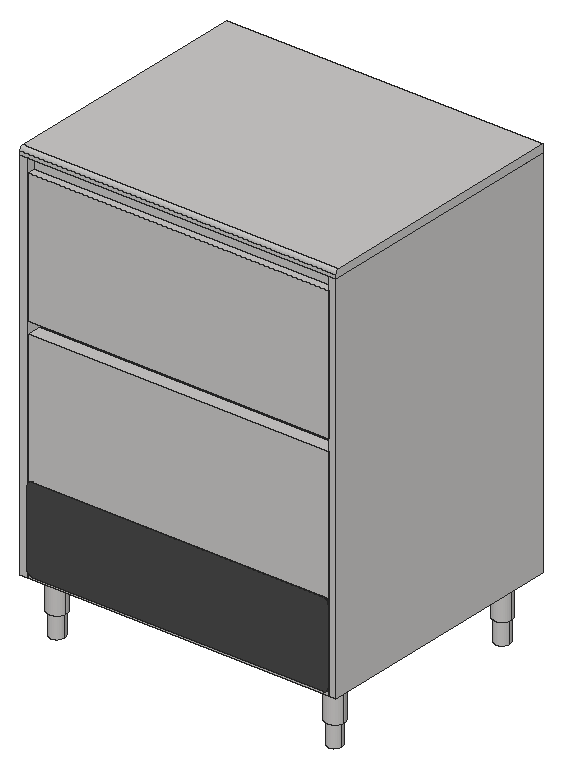
Revit family "QF_ELECTROLUXPROFESSIONAL_730334_ICC155I75SNP", category Attrezzature speciali, Revit 2018
Family settings
  Quota connettore circolare = Usa diametro
  Tipo di parte = Normale
  Basato su piano di lavoro = No
  Sempre verticale = Sì
  Taglio con vuoti quando caricato = No
  Condiviso = No
  Punto di calcolo locali = No
Parameters (values of type "Standard")
  Weight = 95.00 kg
  Watts = 0 W
  Volts = 220 V
  URL Manufacturer = "https://www.electroluxprofessional.com/"
  URL = "https://www.electroluxprofessional.com/"
  Steam Supply Size = 0 mm
  Steam Supply Minimum Pressure = 0.0 Pa
  Steam Supply Maximum Pressure = 0.0 Pa
  Steam Pounds per Hour = 0
  Show Logo [instance] = yes
  Show Clearance [instance] = yes
  Refrigeration Suction Line Size = 0 mm
  Refrigeration Liquid Line Size = 0 mm
  Refrigerant Compressor Remote = yes
  Produttore = "Electrolux Professional"
  Phase = 1
  Modello = "ICC155I75SNP"
  Length Actual = 860 mm  # constant formula
  Item Number = "730334"
  Hot Water Size = 0 mm
  Height Actual = 1149 mm  # constant formula
  HP = "0 HP"
  Gas Size = 0 mm
  Gas KW = 0
  Gas Input Pressure = 0 W
  Descrizione = "WATER COOLED ICE CUBER 40GR 155KG/24H-BIN 75KG"
  Depth Actual = 700 mm  # constant formula
  Cycle = 50 Hz
  Condensate Return Size = 0 mm
  Compressed Air Volume = 0.0 L/s
  Compressed Air Size = 0 mm
  Compressed Air Pressure = 0.0 Pa
  Cold Water Size = 19.05 mm
  Accessory = yes
Reference planes
  plane 1 "Center X": y = 272.851
  plane 2: z = 0
  plane 3 "Center Y": x = -501.5
  plane 4 "LEFT": x = -931.5
  plane 5 "RIGHT": x = -71.5
  plane 6 "FRONT": y = -77.649
  plane 7 "BACK": y = 623.351
  plane 8: z = 154
  plane 9: z = 1198
  plane 10: z = 1178
  plane 11: x = -911.5
  plane 12: x = -91.5
  plane 13: y = -37.649
Forms (mm)
  Extrusion 1, solid, material "QF_Finishes_Black"
    sketch origin (-217.296, -77.649, 371.513) x (-1, 0, 0) y (0, 0, -1)
      loop
        arc (679.204, -20.487) -> (689.811, -16.093) -> (694.204, -5.487) r 15
        line (694.204, -5.487) -> (694.204, 195.469)
        arc (694.204, 195.469) -> (689.811, 206.075) -> (679.204, 210.469) r 15
        line (679.204, 210.469) -> (-110.796, 210.469)
        arc (-110.796, 210.469) -> (-121.403, 206.075) -> (-125.796, 195.469) r 15
        line (-125.796, 195.469) -> (-125.796, -5.487)
        arc (-125.796, -5.487) -> (-121.403, -16.093) -> (-110.796, -20.487) r 15
        line (-110.796, -20.487) -> (679.204, -20.487)
    from 0 to 2
  Extrusion 2, solid, material "QF_Finishes_Stainless Steel"
    sketch origin (-501.5, 0, 0) x (0, 1, 0) y (0, 0, 1)
      loop
        line (623.351, 1178) -> (623.351, 1198) -> (-67.649, 1198)
        arc (-67.649, 1198) -> (-74.72, 1195.071) -> (-77.649, 1188) r 10
        line (-77.649, 1188) -> (-77.649, 1178) -> (623.351, 1178)
    from -430 to 430
  Extrusion 3, solid, material "QF_Finishes_Stainless Steel"
    sketch origin (-519.2, 623.351, -284.545) x (1, 0, 0) y (0, 0, -1)
      loop
        circle (378.2, -654.545) r 10
    from 0 to 10
  Extrusion 4, solid, material "QF_Finishes_Stainless Steel"
    sketch origin (0, 0, 0) x (1, 0, 0) y (0, 1, 0)
      loop
        line (-931.5, 623.351) -> (-931.5, -77.649) -> (-911.5, -77.649) -> (-911.5, 623.351) -> (-931.5, 623.351)
    from 154 to 1178
  Extrusion 5, solid, material "QF_Finishes_Stainless Steel"
    sketch origin (0, 0, 0) x (1, 0, 0) y (0, 1, 0)
      loop
        line (-91.5, 623.351) -> (-91.5, -77.649) -> (-71.5, -77.649) -> (-71.5, 623.351) -> (-91.5, 623.351)
    from 154 to 1178
  Extrusion 6, solid, material "QF_Finishes_Stainless Steel"
    sketch origin (0, 0, 0) x (1, 0, 0) y (0, 1, 0)
      loop
        line (-911.5, 623.351) -> (-911.5, -37.649) -> (-91.5, -37.649) -> (-91.5, 623.351) -> (-911.5, 623.351)
    from 154 to 1178
  Extrusion 7, solid, material "QF_Finishes_Stainless Steel"
    sketch origin (0, 0, 0) x (1, 0, 0) y (0, 1, 0)
      loop
        line (-911.5, -77.649) -> (-91.5, -77.649) -> (-91.5, -37.649) -> (-911.5, -37.649) -> (-911.5, -77.649)
    from 154 to 748.657
  Extrusion 8, solid, material "QF_Finishes_Stainless Steel"
    sketch origin (-501.5, 0, 0) x (0, 1, 0) y (0, 0, 1)
      loop
        line (-37.649, 1178) -> (-57.649, 1178) -> (-57.649, 1142) -> (-77.649, 1142) -> (-77.649, 780.633) -> (-57.649, 780.633) -> (-57.649, 765.633) -> (-37.649, 765.633) -> (-37.649, 1178)
    from -410 to 410
  Extrusion 9, solid, material "QF_Finishes_Stainless Steel"
    sketch origin (-504.7, 623.351, -432.545) x (1, 0, 0) y (0, 0, -1)
      loop
        circle (378.2, -654.545) r 10
    from 0 to 10
  Extrusion 10, solid, material "QF_Finishes_Stainless Steel"
    sketch origin (-560.2, 623.351, -316.545) x (1, 0, 0) y (0, 0, -1)
      loop
        circle (378.2, -654.545) r 10
    from 0 to 10
Lines and regions (mm)
  Split face 1
    outline origin (-501.5, -57.649, 1178) x (0, 0, -1) y (1, 0, 0)
      loop
        line (5.715, 287.428) -> (30.715, 287.428) -> (30.715, 327.428) -> (5.715, 327.428) -> (5.715, 287.428)
  symbolic lines
    curve 1: line (-931.5, 623.351, 0) -> (-71.5, 623.351, 0)
    curve 2: line (-931.5, -77.649, 0) -> (-931.5, 623.351, 0)
    curve 3: line (-71.5, -77.649, 0) -> (-931.5, -77.649, 0)
    curve 4: line (-71.5, 623.351, 0) -> (-71.5, -77.649, 0)
Dimensions and locks
  equal spacing: plane 4 "LEFT", plane 3 "Center Y", plane 5 "RIGHT"
  plane 4 "LEFT" to plane 5 "RIGHT" = 860 mm
  equal spacing: plane 7 "BACK", plane 1 "Center X", plane 6 "FRONT"
  plane 7 "BACK" to plane 6 "FRONT" = 701 mm
  plane 8 to plane 2 = 154 mm
  plane 9 to plane 8 = 1044 mm
  locked: plane 4 "LEFT" to plane 11 at 20
  locked: plane 12 to plane 5 "RIGHT" at 20
  locked: plane 9 to plane 10 at 20
  locked: plane 13 to plane 6 "FRONT" at 40
  aligned and locked: level to plane 2
  aligned and locked: plane 5 "RIGHT" to Extrusion 2
  aligned and locked: Extrusion 2 to plane 4 "LEFT"
  aligned and locked: Extrusion 4 sketch curve to Extrusion 2  (x2)
  aligned and locked: plane 6 "FRONT" to Extrusion 4 sketch curve
  aligned and locked: Extrusion 4 sketch curve to plane 11
  aligned and locked: Extrusion 5 sketch curve to plane 7 "BACK"
  aligned and locked: plane 12 to Extrusion 5 sketch curve
  aligned and locked: Extrusion 5 sketch curve to Extrusion 2  (x2)
  aligned and locked: plane 10 to Extrusion 4
  aligned and locked: plane 10 to Extrusion 5
  aligned and locked: Extrusion 4 to plane 8
  aligned and locked: Extrusion 5 to plane 8
  aligned and locked: Extrusion 6 sketch curve to Extrusion 4
  aligned and locked: Extrusion 4 to Extrusion 6 sketch curve
  aligned and locked: plane 13 to Extrusion 6 sketch curve
  aligned and locked: Extrusion 6 sketch curve to plane 12
  aligned and locked: plane 10 to Extrusion 6
  aligned and locked: Extrusion 6 to plane 8
  aligned and locked: Extrusion 4 to Extrusion 7 sketch curve
  aligned and locked: Extrusion 7 sketch curve to Extrusion 4
  aligned and locked: plane 13 to Extrusion 7 sketch curve
  aligned and locked: plane 12 to Extrusion 7 sketch curve
  aligned and locked: Extrusion 7 to plane 8
  aligned and locked: plane 12 to Extrusion 8
  aligned and locked: Extrusion 8 to plane 11
Automatic sketch dimensions
  curve 3 to plane 4 "LEFT" = 0 mm
  curve 3 to plane 5 "RIGHT" = 0 mm
  curve 3 to plane 6 "FRONT" = 0 mm
  curve 2 to plane 7 "BACK" = 0 mm
  Extrusion 1 sketch curve to plane 12 = 0 mm
  plane 8 to Extrusion 1 sketch curve = 7.044 mm
  Extrusion 1 sketch curve to Extrusion 1 sketch curve = 15 mm  (x3)
  plane 11 to Extrusion 1 sketch curve = 15 mm  (x2)
  Extrusion 1 sketch curve to Extrusion 1 sketch curve = 200.956 mm
  Extrusion 2 sketch curve to plane 6 "FRONT" = 0 mm
  Extrusion 2 sketch curve to plane 9 = 0 mm
  Extrusion 2 sketch curve to plane 7 "BACK" = 0 mm
  Extrusion 2 sketch curve to plane 10 = 0 mm
  plane 6 "FRONT" to Extrusion 2 sketch curve = 10 mm
  Extrusion 6 to Extrusion 3 sketch curve = 216 mm
  Extrusion 3 sketch curve to Extrusion 6 = 49.5 mm
  Split face 1 sketch curve to Extrusion 8 = 5.715 mm
  Extrusion 8 to Split face 1 sketch curve = 5.285 mm
  Split face 1 sketch curve to Extrusion 8 = 122.572 mm
  Split face 1 sketch curve to Split face 1 sketch curve = 40 mm
  Extrusion 9 sketch curve to Extrusion 6 = 35 mm
  Extrusion 6 to Extrusion 9 sketch curve = 68 mm
  Extrusion 10 sketch curve to Extrusion 6 = 90.5 mm
  Extrusion 6 to Extrusion 10 sketch curve = 184 mm
  Extrusion 8 sketch curve to plane 6 "FRONT" = 0 mm
  Extrusion 8 sketch curve to plane 10 = 0 mm
  Extrusion 8 sketch curve to plane 13 = 0 mm
  plane 6 "FRONT" to Extrusion 8 sketch curve = 20 mm
  Extrusion 8 sketch curve to Extrusion 8 sketch curve = 20 mm
  Extrusion 8 sketch curve to plane 10 = 36 mm
  Extrusion 8 sketch curve to Extrusion 8 sketch curve = 361.367 mm
  Extrusion 8 sketch curve to Extrusion 8 sketch curve = 15 mm
  radius of Extrusion 3 sketch curve = 10 mm
  radius of Extrusion 9 sketch curve = 10 mm
  radius of Extrusion 10 sketch curve = 10 mm
Nested families
  nested 1: "Foot_Complete" at (-879.5, -17.649, 0), type "Foot_Complete"
  nested 2: "Foot_Complete" at (-123.5, -17.649, 0) x (-1, 0, 0) z (0, 0, 1), type "Foot_Complete"
  nested 3: "Foot_Complete" at (-879.5, 552.351, 0), type "Foot_Complete"
  nested 4: "Foot_Complete" at (-123.5, 552.351, 0) x (-1, 0, 0) z (0, 0, 1), type "Foot_Complete"
Connectors
  electrical at (-126.5, 633.351, 222), driven by "Volts"
    settings: on Extrusion 9, index 1, voltage 220 V, apparent load 0 VA, apparent load phase1 0 VA, apparent load phase2 0 VA, apparent load phase3 0 VA, power factor 1, load classification "Altro", number of poles 1, system type 30, power factor state 1, is connector primary yes, connector utility no, sub classification motor no, connector description "Electrical Connection"
  piping at (-141, 633.351, 370), diameter 20
    settings: on Extrusion 3, index 2, connector inside diameter 609.6 mm, connector length 0 mm, flow factor 0, pipe flow 0.0 L/s, pressure drop 0.0 Pa, fitting loss kfactor 0, connector angle 0.00°, fixture units 0, engagement length 0 mm, angle of deflection 0.00°, flow configuration 0, flow direction 0, fitting loss method 0, system type 20, joint type 0, gender type 0, connector reference index -1, connector utility 0, adjustable connector no, is connector primary yes, connector description "Cold water"
  piping at (-182, 633.351, 338), diameter 20
    settings: on Extrusion 10, index 3, connector inside diameter 609.6 mm, connector length 0 mm, flow factor 0, pipe flow 0.0 L/s, pressure drop 0.0 Pa, fitting loss kfactor 0, connector angle 0.00°, fixture units 0, engagement length 0 mm, angle of deflection 0.00°, flow configuration 0, flow direction 0, fitting loss method 0, system type 16, joint type 0, gender type 0, connector reference index -1, connector utility 0, adjustable connector no, is connector primary no, connector description "Drain"
Definition of nested family "Foot_Complete"
  Parameters (values of type "Foot_Complete")
    R = 25 mm
    H = 153 mm
  Reference planes
    plane 1 "Centro (Fronte/Retro)": y = 0
    plane 2: z = 0
    plane 3 "Centro (Sinistra/Destra)": x = 0
    plane 4: z = 153
  Forms (mm)
    Revolve 1, solid
      sketch origin (255.05, 0, 608.09) x (0, 0, 1) y (-1, 0, 0)
        loop
          line (-608.09, 255.05) -> (-608.09, 235.05) -> (-548.09, 235.05) -> (-548.09, 230.05) -> (-455.09, 230.05) -> (-455.09, 255.05) -> (-608.09, 255.05)
        axis (-608.09, 255.05) -> (-455.09, 255.05)
      angle from 0 to 360
  Dimensions and locks
    level to Revolve 1 sketch curve = 60 mm
    "R": Revolve 1 sketch curve to plane 3 "Centro (Sinistra/Destra)"
    "H": plane 4 to level
    aligned and locked: level to plane 2
    aligned and locked: plane 4 to Revolve 1 sketch curve
    aligned and locked: Revolve 1 sketch curve to level
    aligned and locked: plane 3 "Centro (Sinistra/Destra)" to Revolve 1 sketch curve
  Automatic sketch dimensions
    Revolve 1 sketch curve to plane 3 "Centro (Sinistra/Destra)" = 0 mm
    plane 3 "Centro (Sinistra/Destra)" to Revolve 1 sketch curve = 20 mm
    Revolve 1 sketch curve to Revolve 1 sketch curve = 50 mm
    Revolve 1 sketch curve to Revolve 1 sketch curve = 20 mm
